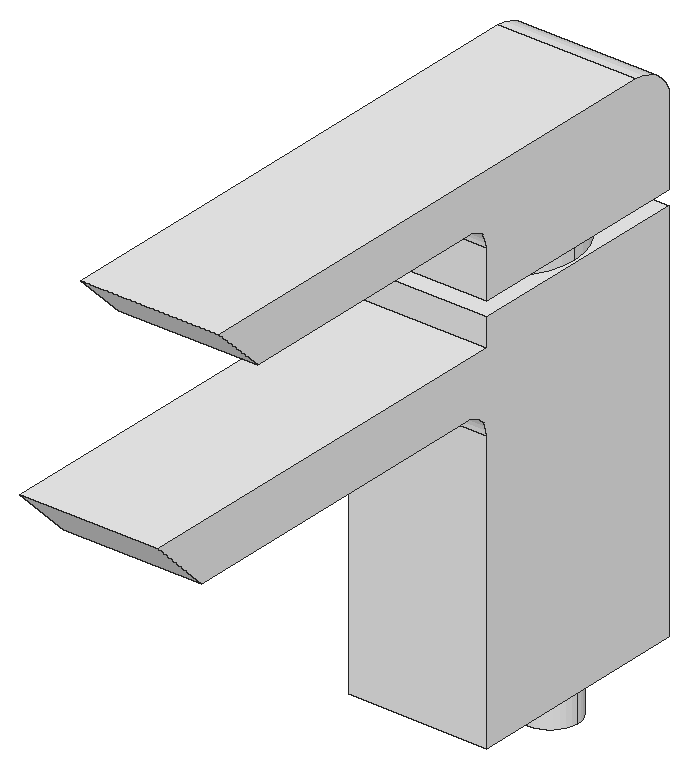
Revit family "Faucet_Contemporary_Soiree_TL960SDLQ_TOTO", category Plumbing Fixtures, Revit 2013
Parameters (values of type "TL960SDLQ")
  ecoScorecard_data = " "
  ecoScorecard Product Page = "  "
  Width = 1 1/4"  # constant formula
  Waste Connection = no
  Warranty URL = "http://www.totousa.com/warranty-registration"
  Warranty = "Lifetime Limited Warranty (Residential Use); One Year Limited (Commercial Use)"  # constant formula
  WFU = 0
  Voltage = 0 V
  Vent Connection = yes
  URL = "http://www.totousa.com"
  Toto BIM Number = "BM-00056"  # constant formula
  Subcategory = "Faucets"  # constant formula
  Style = "Contemporary"  # constant formula
  Spec Sheet URL = "http://assets.totousa.com/product-files/SS-00470_TL960SDLQ.pdf"
  Sink Holes Applications = ""
  Shipping Weight = 6.00 lbf  # constant formula
  Series = "Soiree"  # constant formula
  Product Page URL = " "
  Parts Manual URL = " "
  Owners Manual URL = "  "
  Number of Poles = 1
  Model = "TL960SDLQ"  # constant formula
  Manufacturer Toll Free Phone = "1-888-295-8134"  # constant formula
  Manufacturer Phone = "(770) 282-8686 "  # constant formula
  Manufacturer Fax = "(770) 282-0002"  # constant formula
  Manufacturer Email = "mailto:custservice@totousa.com "
  Manufacturer Address = "1155 Southern Road, Morrow, Georgia 30260"  # constant formula
  Manufacturer = "TOTO USA, Inc."  # constant formula
  Installation URL = " "
  Hot Water Connection NPT Radius = 1/4"  # constant formula
  Height = 4 11/16"  # constant formula
  Frequency = 0 Hz
  Flow Rate = 0 GPM
  Flow Pressure = 0.00 psi
  Finish = Metal - TOTO - Chrome - Polished
  HWFU = 0
  HW Connection = yes
  Description = "Single-handle Lavatory Faucet"  # constant formula
  Depth = 5 25/32"  # constant formula
  Default Elevation = 48"
  Current = 0 A
  Cost Info = "mailto:custservice@totousa.com "
  Color Availability = "#CP Polished Chrome, #BN Brushed Nickel, #PN Polished Nickel"  # constant formula
  Cold Water Connection NPT Radius = 1/4"  # constant formula
  CWFU = 0
  CW Connection = yes
  CAD Drawing URL = "http://assets.totousa.com/product-files/AD-00047_TL960SD.dxf"
  Assembly Code = "D2010"
  Apparent Power = 0 VA
  ADA Compliant = yes
  95 CSI = "15416"  # constant formula
  04 CSI = "22 41 39"  # constant formula
Reference planes (in)
  plane 1 "Center (Front/Back)": y = 0
  plane 2: z = 0
  plane 3 "Center (Left/Right)": x = 0
  plane 4: x = -0.625
  plane 5: x = 0.625
  plane 6: y = 1.03125
  plane 7: y = -4.75
  plane 8: y = -1.03125
  plane 9: z = 4.6875
  plane 10: y = 1.43258
Dimensions and locks (in)
  equal spacing: plane 4, plane 3 "Center (Left/Right)", plane 5  (x2)
  plane 6 to plane 8 = 2 1/16"
  equal spacing: plane 6, plane 1 "Center (Front/Back)", plane 8
  "Height": plane 9 to plane 2
  "Width": plane 4 to plane 5
  "Depth": plane 6 to plane 7
  aligned and locked: plane 3 "Center (Left/Right)" to nested 1
  aligned and locked: plane 7 to nested 1
Nested families (in)
  nested 1: "TL960SD" at (0, 0, 0), type "TL960SD"
    with Flow Pressure 0.00 psi
Connectors (in)
  piping at (-0.375, 0, -0.25), driven by "Hot Water Connection NPT Radius"
    settings: on nested 1, index 1, connector radius 1/4", flow factor 0, pipe flow 0 GPM, pressure drop 0.00 psi, fitting loss kfactor 0, connector angle 0.00°, fixture units 0, engagement length 0", flow configuration 0, flow direction 1, fitting loss method 0, system type 19, joint type 0, gender type 0, connector reference index -1, connector utility 1, adjustable connector no, is connector primary yes, fitting loss table "", connector description "Hot Water Inlet Connection"
  piping at (0.375, 0, -0.25), driven by "Cold Water Connection NPT Radius"
    settings: on nested 1, index 2, connector radius 1/4", flow factor 0, pipe flow 0 GPM, pressure drop 0.00 psi, fitting loss kfactor 0, connector angle 0.00°, fixture units 0, engagement length 0", flow configuration 0, flow direction 1, fitting loss method 0, system type 20, joint type 0, gender type 0, connector reference index -1, connector utility 1, adjustable connector no, is connector primary no, fitting loss table "", connector description "Cold Water Inlet Connection"
Definition of nested family "TL960SD"
  Parameters
    Waste Connection = no
    WFU = 0
    Vent Connection = yes
    URL = ""
    Nominal Width = 1 1/4"  # constant formula
    Nominal Length = 5 25/32"  # constant formula
    Nominal Height = 4 11/16"  # constant formula
    Model = ""
    Manufacturer = ""
    Faucet Material = none
    Hot Water Connection Radius = Hot Water Connection NPT / 2  # 1/4"
    Hot Water Connection NPT = 1/2"
    HWFU = 0
    HW Connection = yes
    Flow Pressure [instance] = 0.00 psi
    Description = ""
    Cold Water Connection Radius = Cold Water Connection NPT / 2  # 1/4"
    Cold Water Connection NPT = 1/2"
    CWFU = 0
    CW Connection = yes
    Assembly Code = ""
  Reference planes (in)
    plane 1 "Center (Front/Back)": y = 0
    plane 2: z = 0
    plane 3 "Center (Left/Right)": x = 0
    plane 4: x = -0.625
    plane 5: x = 0.625
    plane 6: y = 1.03125
    plane 7: y = -4.75
    plane 8: y = -1.03125
    plane 9: x = 0.375
    plane 10: x = -0.375
    plane 11: z = 4.6875
  Forms (in)
    Extrusion 1, solid, material <- "Faucet Material"
      sketch origin (0, 0, 0) x (0, 1, 0) y (0, 0, 1)
        loop
          line (-1.03125, 0) -> (1.03125, 0) -> (1.03125, 3.49702) -> (-1.03125, 3.49702) -> (-1.03125, 3.25) -> (-4.75, 3.25) -> (-4.25, 2.75) -> (-1.24515, 2.75)
          arc (-1.24515, 2.75) -> (-1.0939, 2.68735) -> (-1.03125, 2.5361) r 0.2139
          line (-1.03125, 2.5361) -> (-1.03125, 0)
        loop
          line (0.65625, 4.6875) -> (-4.0625, 4.6875) -> (-3.625, 4.25) -> (-1.22218, 4.25)
          arc (-1.22218, 4.25) -> (-1.08717, 4.19408) -> (-1.03125, 4.05907) r 0.19093
          line (-1.03125, 4.05907) -> (-1.03125, 3.62591) -> (1.03125, 3.62591) -> (1.03125, 4.4375)
          arc (1.03125, 4.4375) -> (0.8816, 4.61927) -> (0.65625, 4.6875) r 0.40625
      from -0.625 to 0.625
    Extrusion 2, solid, material <- "Faucet Material"
      sketch origin (0, 0, -0.55492) x (0, 1, 0) y (0, 0, 1)
        loop
          line (1.03125, 2.5) -> (1.03125, 2.08659) -> (1.14984, 2.08659) -> (1.14984, 2.31091) -> (1.43258, 2.31091) -> (1.43258, 2.5) -> (1.03125, 2.5)
      from -0.16224 to 0.16224
    Extrusion 3, solid, material <- "Faucet Material"
      sketch origin (-0.375, 0, 0) x (1, 0, 0) y (0, 1, 0)
        loop
          circle (0.75, 0) r 0.25
        loop
          circle (0, 0) r 0.25
      from -0.25 to 0
    Extrusion 4, solid, material <- "Faucet Material"
      sketch origin (0, 0, 0) x (1, 0, 0) y (0, 1, 0)
        loop
          circle (0, 0) r 0.59657
      from 3.49702 to 3.62591
    Extrusion 5, solid, material <- "Faucet Material"
      sketch origin (0, 0, 0) x (1, 0, 0) y (0, 0, 1)
        loop
          circle (0, 3.97008) r 0.10972
      from 1.03125 to 1.0853
  Lines and regions (in)
    symbolic lines
      curve 1: arc (-0.625, -3.08152, 0) -> (0, -3.14677, 0) -> (0.625, -3.08152, 0) r 3.02561
  Dimensions and locks (in)
    locked: plane 1 "Center (Front/Back)" to Extrusion 1 sketch curve at 1.03125  (x3)
    locked: Extrusion 2 sketch curve to plane 6 at 0.40133
    locked: Extrusion 2 sketch curve to plane 2 at 1.94508
    locked: plane 2 to Extrusion 2 sketch curve at 1.75599
    locked: plane 2 to Extrusion 2 sketch curve at 1.53167
    equal spacing: plane 4, plane 3 "Center (Left/Right)", plane 5  (x2)
    locked: plane 6 to Extrusion 1 sketch curve at 5.09375
    locked: Extrusion 1 sketch curve to plane 7 at 0.5
    locked: Extrusion 1 sketch curve to plane 7 at 0
    locked: plane 1 "Center (Front/Back)" to Extrusion 4 sketch curve at 0
    locked: plane 3 "Center (Left/Right)" to Extrusion 4 sketch curve at 0
    locked: plane 1 "Center (Front/Back)" to Extrusion 3 sketch curve at 0  (x2)
    locked: Extrusion 3 sketch curve to plane 10 at 0
    locked: Extrusion 3 sketch curve to plane 9 at 0
    equal spacing: Extrusion 2, plane 3 "Center (Left/Right)", Extrusion 2, locked at 0.16224 each
    plane 6 to plane 8 = 2 1/16"
    equal spacing: plane 6, plane 1 "Center (Front/Back)", plane 8
    "Nominal Height": plane 11 to plane 2
    "Nominal Width": plane 4 to plane 5
    "Nominal Length": plane 6 to plane 7
    locked: plane 11 to Extrusion 1 sketch curve at 1.06159
    locked: plane 11 to Extrusion 1 sketch curve at 1.19048
    locked: plane 11 to Extrusion 1 sketch curve at 0.4375
    locked: Extrusion 1 sketch curve to plane 11 at 0.62843
    locked: Extrusion 1 sketch curve to plane 11 at 1.4375
    locked: Extrusion 1 sketch curve to plane 11 at 1.9375
    locked: Extrusion 1 sketch curve to plane 11 at 2.1514
    Extrusion 1 sketch curve to plane 11 = 1 15/16"
    locked: plane 8 to Extrusion 5 at 0.05405
    locked: plane 3 "Center (Left/Right)" to Extrusion 5 sketch curve at 0
    locked: plane 11 to Extrusion 5 sketch curve at 0.6077
    "Hot Water Connection Radius": radius of Extrusion 3 sketch curve
    "Cold Water Connection Radius": radius of Extrusion 3 sketch curve
    aligned and locked: level to Extrusion 3
    aligned and locked: plane 4 to Extrusion 1
    aligned and locked: Extrusion 1 to plane 5
    aligned and locked: Extrusion 1 to plane 2
    aligned: Extrusion 1 to plane 6
    aligned and locked: plane 6 to Extrusion 2
    aligned and locked: plane 2 to Extrusion 1 sketch curve
    aligned: Extrusion 4 to Extrusion 1  (x2)
    aligned and locked: Extrusion 1 to plane 11
    aligned and locked: plane 6 to Extrusion 1 sketch curve  (x2)
    aligned and locked: Extrusion 5 to Extrusion 1
    aligned and locked: Extrusion 4 to Extrusion 1  (x2)
  Automatic sketch dimensions
    curve 1 to plane 4 = 0"
    curve 1 to plane 3 "Center (Left/Right)" = 0"
    curve 1 to plane 5 = 0"
    plane 8 to curve 1 = 2.05027"
    plane 1 "Center (Front/Back)" to curve 1 = 0.12116"
    Extrusion 2 sketch curve to plane 6 = 0"
    Extrusion 2 sketch curve to plane 6 = 0.11859"
    Extrusion 1 sketch curve to Extrusion 1 sketch curve = 7/16"
    plane 6 to Extrusion 1 sketch curve = 3/8"
    Extrusion 1 sketch curve to Extrusion 1 sketch curve = 13/32"
    Extrusion 1 sketch curve to Extrusion 1 sketch curve = 0.65534"
    radius of Extrusion 4 sketch curve = 0.59657"
    radius of Extrusion 5 sketch curve = 0.10972"
  Connectors (in)
    piping at (0.375, 0, 0), driven by "Cold Water Connection Radius", driven by "Flow Pressure", driven by "CWFU"
      settings: on Extrusion 3, index 4, connector radius 1/4", flow factor 0, pipe flow 0 GPM, pressure drop 0.00 psi, fitting loss kfactor 0, connector angle 0.00°, fixture units 0, engagement length 0", flow configuration 3, flow direction 1, fitting loss method 4, system type 20, joint type 0, gender type 0, connector reference index -1, connector utility 0, adjustable connector no, is connector primary yes, fitting loss table "", connector description "Cold Water Inlet Connection"
    piping at (-0.375, 0, 0), driven by "Hot Water Connection Radius", driven by "Flow Pressure", driven by "HWFU"
      settings: on Extrusion 3, index 5, connector radius 1/4", flow factor 0, pipe flow 0 GPM, pressure drop 0.00 psi, fitting loss kfactor 0, connector angle 0.00°, fixture units 0, engagement length 0", flow configuration 3, flow direction 1, fitting loss method 4, system type 19, joint type 0, gender type 0, connector reference index -1, connector utility 0, adjustable connector no, is connector primary no, fitting loss table "", connector description "Hot Water Inlet Connection"
